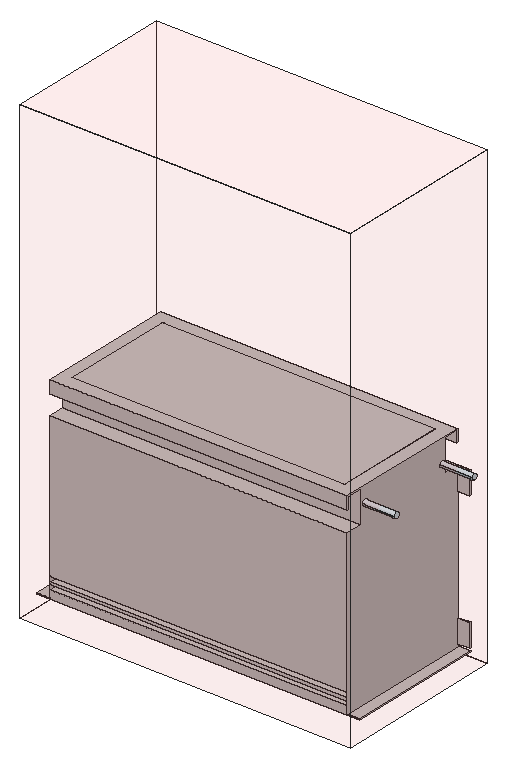
Revit family "Air-Curtain_Vestibule-Except_PoweredAire_ETA-HWST", category Mechanical Equipment, host Face, Revit 2017
Family settings
  Host = Face
  Round Connector Dimension = Use Diameter
  Part Type = Normal
  OmniClass Number = 23.75.35.17.21
  OmniClass Title = Air Curtains
  Cut with Voids When Loaded = No
  Shared = No
  Room Calculation Point = No
Parameters
  upperrotation [instance] = if(Upper Pipe Connection Side A, 0.00°, 180.00°)  # 0.00°
  lowerrotation [instance] = if(Lower Pipe Connection Side A, 0.00°, 180.00°)  # 0.00°
  locateupperpipe [instance] = if(Upper Pipe Connection Side A, 0' 0", Nozzle Width)  # 0' - 0"
  locatelowerpipe [instance] = if(Lower Pipe Connection Side A, 0' 0", Nozzle Width)  # 0' - 0"
  Warranty Duration (Years) = 0
  Upper Pipe Connection Side A [instance] = yes
  Unit Width Notes = "Other Widths available."  # constant formula
  Unit Width = 3' - 3"
  Unit Weight = 0
  Unit Height = 1' - 4 3/4"
  Unit Depth [instance] = if(Include Filters, 2' 1 7/8", 1' 11 3/4")  # 1' - 11 3/4"
  URL = "http://www.poweredaire.com/"
  Test Data = ""
  Standards Conformance = "as Specified"
  Specification = "http://www.arcat.com/sdspecs/htm04/23_34_33pai.htm"
  SpecWizard = ""
  Sound Pressure = "as Specified"
  Sales Information = "http://www.poweredaire.com/contact_us"
  Revision = "R1_2016-08"
  Projection from Host [instance] = 0' - 2"
  Product Properties = ""
  Product Data = "http://www.arcat.com/arcatcos/cos47/arc47623.html"
  Power Rating = 0 W
  Piping_Water Flow [instance] = 0 GPM
  Piping_Operating Pressure [instance] = 0.00 psi
  Piping_Exit Temperature [instance] = 0 °F
  Piping_Entry Temperature [instance] = 0 °F
  Pipe OD [instance] = 5/8"
  Nozzle Width = if(1 = 1, Unit Width - 0' 3", 0' 0")  # 3' - 0"
  Mounting Width = if(1 = 1, Unit Width - 0' 1 1/2", 0' 0")  # 3' - 1 1/2"
  Mounting Height [instance] = 3' - 6"
  Motor RPM = 0
  Motor HP = 0
  Motor Count = 0
  Model = "As Specified"
  Max Height = 0' - 0"
  Manufacturer Website = "http://www.poweredaire.com/"
  Manufacturer Phone - Toll Free = "888-321-2473"
  Manufacturer Phone = "724-588-3305"
  Manufacturer Fax = "724-588-3371"
  Manufacturer Address = "109 Mortensen Rd.  Greenville, PA 16125"
  Manufacturer = "Powered Aire, Inc"
  Maintenance Schedule (Months) = 0
  Lower Pipe Connection Side A [instance] = yes
  Keynote = "23 34 33"
  Installation-Fabrication = ""
  Installation Phase = ""
  Include Filters [instance] = no
  Include Clearance [instance] = yes
  Heating Element Load = 0 W
  HVAC_Temperature Rise = 0 °F
  HVAC_Outlet Volume = 0 CFM
  HVAC_Outlet Velocity Uniformity = 0
  HVAC_Outlet Velocity = 0 FPM
  HVAC_BTU Input = 0.0 Btu/h
  Green Building-LEED = "http://www.arcat.com/green/clients/leed_data_47623.html"
  Front Grating Material [instance] = Metal - Steel - PoweredAire - Stainless 304 Perforated
  Frame Finish [instance] = Metal - Steel - PoweredAire - Stainless 304
  Expected Lifespan (Years) = 0
  Electrical_Wattage [instance] = Power Rating + Heating Element Load  # 0 W
  Electrical_Voltage [instance] = 0 V
  Electrical_Phase [instance] = 1
  Electrical_Frequency [instance] = 0 Hz
  Electrical_Amperage [instance] = 0 A
  Drawn By = "Sumex Design, Inc. / Robert S. Weygant, CSI, CDT, SCIP"
  Description = "Powered Aire Air Curtain as Specified"
  Default Elevation = 0' - 0"  # constant formula
  Copyright = "©Arcat Inc."
  Construction Details = "http://www.arcat.com/details/powair/prod3336.html"
  Clearance_Top [instance] = 0' - 2"
  Clearance_Side B [instance] = 0' - 0 1/2"
  Clearance_Side A [instance] = 0' - 0 1/2"
  Clearance_Intake [instance] = 2' - 6"
  Clearance_Bottom [instance] = 0' - 2"
  Clearance Material [instance] = ARCAT Clearance
  Building Codes = ""
  Available Options [instance] = "as Specified"
  Assembly Code = "D3090400"
Reference planes (in)
  plane 1 "Center (Elevation)": y = 0.13818
  plane 2: z = 0
  plane 3 "Center (Left/Right)": x = 0
  plane 4: y = 8.51318
  plane 5: y = -8.23682
  plane 6: x = -19.5
  plane 7: x = 19.5
  plane 8: z = 25.75
  plane 9 "FF": y = -41.86182
  plane 10: z = 2
  plane 11: x = 18
  plane 12: x = -18
  plane 13: y = 10.51318
  plane 14: y = -10.23682
  plane 15: x = -20
  plane 16: x = 20
  plane 17: z = 55.75
  plane 18: x = 17.9375
  plane 19: x = -17.9375
  plane 20: x = 18
  plane 21: x = 18
  plane 22: y = 6.01318
  plane 23: y = -5.73682
Forms (in)
  Extrusion 1, solid, material "Metal - Steel - PoweredAire - Stainless 304" <- "Frame Finish"
    sketch origin (0, 0, 0) x (0, 1, 0) y (0, 0, 1)
      loop
        line (-8.23682, 2) -> (8.51318, 2) -> (8.51318, 21.8125) -> (6.51318, 21.8125) -> (6.51318, 25.625) -> (8.38818, 25.625) -> (8.38818, 24.25) -> (8.51318, 24.25) -> (8.51318, 25.75) -> (-8.23682, 25.75) -> (-8.23682, 24.25) -> (-8.11182, 24.25) -> (-8.11182, 25.625) -> (-6.23682, 25.625) -> (-6.23682, 21.8125) -> (-8.23682, 21.8125) -> (-8.23682, 2)
    from -18 to 18
  Extrusion 2, solid, material "ARCAT Clearance" <- "Clearance Material", visible <- "Include Clearance"
    sketch origin (0, 0, 0) x (0, 1, 0) y (0, 0, 1)
      loop
        line (-10.23682, 55.75) -> (-10.23682, 0) -> (10.51318, 0) -> (10.51318, 55.75) -> (-10.23682, 55.75)
    from -20 to 20
  Extrusion 3, solid, material "Metal - Steel - PoweredAire - Stainless 304" <- "Frame Finish"
    sketch origin (-15.17702, -180, 2) x (-1, 0, 0) y (0, -1, 0)
      loop
        line (-33.17702, -188.51318) -> (-33.17702, -171.76318) -> (-34.67702, -171.76318) -> (-34.67702, -188.51318) -> (-33.17702, -188.51318)
      loop
        line (2.82298, -188.51318) -> (4.32298, -188.51318) -> (4.32298, -171.76318) -> (2.82298, -171.76318) -> (2.82298, -188.51318)
    from 0 to 0.125
  Extrusion 4, solid, material "Metal - Steel - PoweredAire - Stainless 304" <- "Frame Finish"
    sketch origin (-11.83813, 8.51318, 48) x (-1, 0, 0) y (0, 0, 1)
      loop
        line (-29.83813, -45.5) -> (-29.83813, -42.75) -> (-31.33813, -42.75) -> (-31.33813, -45.5) -> (-29.83813, -45.5)
      loop
        line (-29.83813, -28.9375) -> (-29.83813, -26.1875) -> (-31.33813, -26.1875) -> (-31.33813, -28.9375) -> (-29.83813, -28.9375)
      loop
        line (6.16187, -45.5) -> (7.66187, -45.5) -> (7.66187, -42.75) -> (6.16187, -42.75) -> (6.16187, -45.5)
      loop
        line (6.16187, -28.9375) -> (7.66187, -28.9375) -> (7.66187, -26.1875) -> (6.16187, -26.1875) -> (6.16187, -28.9375)
    from 0 to -0.125
  Extrusion 5, void
    sketch origin (0, 0, 0) x (0, 1, 0) y (0, 0, 1)
      loop
        line (-8.23682, 3) -> (-7.23682, 3) -> (-7.23682, 4.5) -> (-8.23682, 4.5) -> (-8.23682, 3.82425) -> (-7.38364, 3.82425) -> (-7.38364, 3.57425) -> (-8.23682, 3.57425) -> (-8.23682, 3)
    from -17.9375 to 17.9375
  Extrusion 6, solid, material "Metal - Steel - PoweredAire - Stainless 304 Perforated" <- "Front Grating Material"
    sketch origin (0, -8.23682, 25.75) x (0, 1, 0) y (-1, 0, 0)
      loop
        line (15.25, 16.5) -> (1.5, 16.5) -> (1.5, -16.5) -> (15.25, -16.5) -> (15.25, 16.5)
    from 0 to 0.03125
  Sweep 7, solid
    path origin (18, 6.01318, 0) x (1, 0, 0) y (0, 1, 0)
      loop
        line (0, 0) -> (4, 0)
    profile origin (20, 6.01318, 0) x (0, 1, 0) y (0, 0, 1)
      loop
        circle (0, 23) r 0.3125
  Sweep 8, solid
    path origin (18, -5.73682, 0) x (1, 0, 0) y (0, 1, 0)
      loop
        line (0, 0) -> (4, 0)
    profile origin (20, -5.73682, 0) x (0, 1, 0) y (0, 0, 1)
      loop
        circle (0, 24) r 0.3125
Cuts and joins
  Extrusion 5 cuts Extrusion 1
Lines and regions (in)
  reference lines
    curve 1: line (18, 6.01318, 0) -> (22.75, 6.01318, 0)
    curve 2: line (18, -5.73682, 0) -> (23.75, -5.73682, 0)
Dimensions and locks (in)
  equal spacing: plane 4, plane 1 "Center (Elevation)", plane 5
  "Unit Height": plane 4 to plane 5
  equal spacing: plane 6, plane 3 "Center (Left/Right)", plane 7
  "Unit Width": plane 6 to plane 7
  "Mounting Height": plane 1 "Center (Elevation)" to plane 9 "FF"
  "Projection from Host": plane 10 to level
  "Unit Depth": plane 8 to plane 10
  locked: plane 6 to plane 12 at 1.5
  locked: plane 11 to plane 7 at 1.5
  "Clearance_Side A": plane 7 to plane 16
  "Clearance_Side B": plane 15 to plane 6
  "Clearance_Top": plane 13 to plane 4
  "Clearance_Bottom": plane 5 to plane 14
  "Clearance_Intake": plane 17 to plane 8
  plane 5 to Extrusion 1 sketch curve to Extrusion 1 sketch curve = 0' - 0 1/8" locked, 0' - 1 7/8" locked
  Extrusion 1 sketch curve to Extrusion 1 sketch curve to plane 4 = 0' - 1 7/8" locked, 0' - 0 1/8" locked
  Extrusion 4 sketch curve to Extrusion 4 sketch curve to Extrusion 4 sketch curve to Extrusion 4 sketch curve to plane 10 = 0' - 2 3/4" locked, 1' - 1 13/16" locked, 0' - 2 3/4" locked, 0' - 0 1/2" locked
  Extrusion 4 sketch curve to Extrusion 4 sketch curve to Extrusion 4 sketch curve to Extrusion 4 sketch curve = 0' - 2 3/4" locked, 1' - 1 13/16" locked, 0' - 2 3/4" locked
  locked: Extrusion 4 sketch curve to plane 10 at 0.5
  plane 8 to Extrusion 1 sketch curve to Extrusion 1 sketch curve = 0' - 0 1/8" locked, 0' - 1 3/8" locked  (x2)
  locked: Extrusion 1 sketch curve to plane 10 at 19.8125  (x2)
  Extrusion 5 sketch curve to Extrusion 5 sketch curve to Extrusion 5 sketch curve to Extrusion 5 sketch curve to plane 10 = 0' - 0.67575" locked, 0' - 0 1/4" locked, 0' - 0.57425" locked, 0' - 1" locked
  plane 5 to Extrusion 5 sketch curve to Extrusion 5 sketch curve = 0' - 0.85319" locked, 0' - 0.14681" locked
  locked: plane 19 to plane 12 at 0.0625
  locked: plane 11 to plane 18 at 0.0625
  locked: plane 4 to Extrusion 6 sketch curve at 1.5
  locked: Extrusion 6 sketch curve to plane 5 at 1.5
  locked: Extrusion 6 sketch curve to plane 11 at 1.5
  locked: plane 12 to Extrusion 6 sketch curve at 1.5
  "locateupperpipe": plane 20 to plane 11
  "locatelowerpipe": plane 21 to plane 11
  locked: plane 4 to plane 22 at 2.5
  locked: plane 23 to plane 5 at 2.5
  locked: curve 1 to Sweep 7 sketch curve at 4
  locked: curve 1 to Sweep 7 sketch curve
  locked: Sweep 7 sketch curve to plane 10 at 21
  locked: curve 2 to Sweep 8 sketch curve at 4
  locked: curve 2 to Sweep 8 sketch curve
  locked: Sweep 8 sketch curve to plane 10 at 22
  "upperrotation": angle plane 22 to curve 1
  "lowerrotation": angle plane 23 to curve 2
  aligned and locked: plane 2 to host face
  aligned and locked: level to host face
  aligned and locked: Extrusion 2 sketch curve to plane 17
  aligned and locked: plane 14 to Extrusion 2 sketch curve
  aligned and locked: level to Extrusion 2 sketch curve
  aligned and locked: Extrusion 2 sketch curve to plane 13
  aligned and locked: plane 16 to Extrusion 2
  aligned and locked: Extrusion 2 to plane 15
  aligned and locked: plane 11 to Extrusion 1
  aligned and locked: Extrusion 1 to plane 12
  aligned and locked: plane 21 to curve 2
  aligned and locked: plane 23 to curve 2
  aligned and locked: plane 22 to curve 1
  aligned and locked: plane 20 to curve 1
Automatic sketch dimensions
  host sketch curve to host sketch curve = 8' - 0"  (x2)
  Extrusion 1 sketch curve to plane 5 = 0' - 0"  (x2)
  Extrusion 1 sketch curve to plane 4 = 0' - 0"  (x2)
  Extrusion 1 sketch curve to plane 10 = 0' - 0"
  Extrusion 1 sketch curve to plane 8 = 0' - 0"
  plane 4 to Extrusion 3 sketch curve = 0' - 0"
  Extrusion 3 sketch curve to plane 7 = 0' - 0"
  plane 5 to Extrusion 3 sketch curve = 0' - 0"
  Extrusion 3 sketch curve to plane 11 = 0' - 0"
  Extrusion 3 sketch curve to plane 4 = 0' - 0"
  Extrusion 3 sketch curve to plane 12 = 0' - 0"
  Extrusion 3 sketch curve to plane 6 = 0' - 0"
  Extrusion 3 sketch curve to plane 5 = 0' - 0"
  Extrusion 4 sketch curve to plane 7 = 0' - 0"  (x2)
  Extrusion 4 sketch curve to plane 11 = 0' - 0"  (x2)
  Extrusion 4 sketch curve to plane 12 = 0' - 0"  (x2)
  Extrusion 4 sketch curve to plane 6 = 0' - 0"  (x2)
  Extrusion 5 sketch curve to plane 5 = 0' - 0"  (x2)
  Sweep 7 sketch curve to profile plane = 0' - 0"
  Sweep 8 sketch curve to profile plane = 0' - 0"
  radius of Sweep 7 sketch curve = 0' - 0 5/16"
  radius of Sweep 8 sketch curve = 0' - 0 5/16"
Connectors (in)
  piping at (22, 6.01318, 23), diameter 0.625, driven by "Pipe OD", driven by "Piping_Water Flow"
    settings: on Sweep 7, index 1, connector inside diameter 24", connector length 0' - 0", flow factor 0, pipe flow 0 GPM, pressure drop 0.00 psi, fitting loss kfactor 0, connector angle 0.00°, fixture units 0, engagement length 0' - 0", angle of deflection 0.00°, flow configuration 0, flow direction 0, fitting loss method 0, system type 29, joint type 0, gender type 0, connector reference index -1, connector utility 0, adjustable connector no, is connector primary yes, connector description "Define Supply or Return and Location"
  piping at (22, -5.73682, 24), diameter 0.625, driven by "Pipe OD", driven by "Piping_Water Flow"
    settings: on Sweep 8, index 2, connector inside diameter 24", connector length 0' - 0", flow factor 0, pipe flow 0 GPM, pressure drop 0.00 psi, fitting loss kfactor 0, connector angle 0.00°, fixture units 0, engagement length 0' - 0", angle of deflection 0.00°, flow configuration 0, flow direction 0, fitting loss method 0, system type 29, joint type 0, gender type 0, connector reference index -1, connector utility 0, adjustable connector no, is connector primary no, connector description "Define Supply or Return and Location"
  electrical at (-18, 0.13818, 21.39062), driven by "Electrical_Voltage", driven by "Electrical_Phase"
    settings: on cut or joined group of Extrusion 1, Extrusion 5, index 3, voltage 0 V, apparent load 0 VA, apparent load phase1 0 VA, apparent load phase2 0 VA, apparent load phase3 0 VA, power factor 1, load classification "Motor", number of poles 1, system type 31, power factor state 1, is connector primary yes, connector utility no, sub classification motor no, connector description ""
